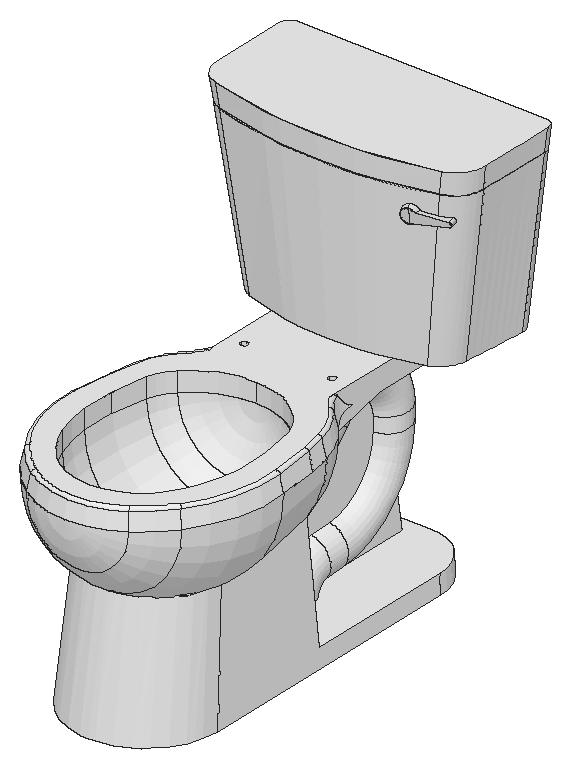
Revit family "Plumbing-Pressure-Assist-Water-Closet-Sloan-Valve-WETS-80098110_", category Plumbing Fixtures, host Face, Revit 2019
Family settings
  Host = Face
  Round Connector Dimension = Use Diameter
  Part Type = Normal
  OmniClass Number = 23.45.05.21.11.11
  OmniClass Title = Water Operated Water Closets
  Cut with Voids When Loaded = No
  Shared = No
  Room Calculation Point = No
Parameters (values of type "WETS-8009.8110-BAA")
  Width = 18 1/4"  # constant formula
  Water Closet Code = "2108009"
  Valve Pressure Drop = 0.00 psi
  Tank Code = "2108110"
  Sanitary Drain Connector Description = "Sanitary Drain Connector d2 1/8\""
  Sanitary Drain Connection Diameter = 2 1/8"  # constant formula
  Real Distance to Wall [instance] = if(Distance to Wall < 3/4", 3/4", Distance to Wall)  # 3/4"
  Waste Connection = yes
  WFU = 10
  Vent Connection = yes
  URL = "www.sloanvalve.com"
  Product data url = "https://bimobject.com/sloan_valve/product/pressure-assist-water-closets_sloan_wets-80098110"
  Product Material = Sloan Valve - Vitreous China - White
  Product Guid = ""
  Part Number = "80098110"
  Model = "WETS-8009.8110-BAA"
  Minimum Static Pressure = "20 PSI (138 kPa)"  # constant formula
  Maximum Static Pressure = "80 PSI (552 kPa)"  # constant formula
  Manufacturer = "Sloan Valve"  # constant formula
  Keynote = "15410"
  Height = 28 1/4"  # constant formula
  HWFU = 0
  HW Connection = yes
  Flush Rate = "1.28 gpf (4.8 Lpf)"
  Depth = 30 3/8"  # constant formula
  Cold Water Connector Description = "Cold Water Connector d1/2\""
  Cold Water Connection Diameter = 1/2"  # constant formula
  Edition number = 1
  Distance to Wall [instance] = 3/4"
  Description = "Floor-Mounted 1.28 gpf (4.8 Lpf) 12\" Rough-in Pressure-Assisted/Tank Toilet."
  Default Elevation = 0"
  CWFU = 10
  CW Connection = yes
  Assembly Code = "D2010"
  ADA Compliant [instance] = 1 = 2  # no
Reference planes
  plane 1 "Center (Front/Back)": y = 0
  plane 2: z = 0
  plane 3 "Center (Left/Right)": x = 0
  plane 4: x = -201.612
  plane 5: x = 201.613
  plane 6: y = -762.786
  plane 7: y = -19.05
  plane 8: x = -201.612
  plane 9: x = 201.613
  plane 10: y = -756.436
  plane 11: y = -12.7
Forms (mm)
  Blend 1, solid, material "Sloan Valve - Vitreous China - White" <- "Product Material"
    base sketch origin (0, 0, 0) x (1, 0, 0) y (0, 1, 0)
      loop
        arc (-34.925, -45.045) -> (-97.787, -71.084) -> (-123.825, -133.945) r 88.9
        line (-123.825, -133.945) -> (-123.825, -615.95)
        arc (-123.825, -615.95) -> (0, -739.775) -> (123.825, -615.95) r 123.825
        line (123.825, -615.95) -> (123.825, -133.945)
        arc (123.825, -133.945) -> (97.787, -71.084) -> (34.925, -45.045) r 88.9
        line (34.925, -45.045) -> (-34.925, -45.045)
    top sketch origin (0, 0, 0) x (1, 0, 0) y (0, 1, 0)
      loop
        arc (-109.537, -584.301) -> (0, -693.838) -> (109.537, -584.301) r 109.537
        line (109.537, -584.301) -> (109.537, -133.945)
        arc (109.537, -133.945) -> (83.499, -71.084) -> (20.637, -45.045) r 88.9
        line (20.637, -45.045) -> (-20.637, -45.045)
        arc (-20.637, -45.045) -> (-83.499, -71.084) -> (-109.537, -133.945) r 88.9
        line (-109.537, -133.945) -> (-109.537, -584.301)
    from 0 to 312.058
  Extrusion 2, solid, material "Sloan Valve - Vitreous China - White" <- "Product Material"
    sketch origin (0, 0, -25.4) x (0, 1, 0) y (0, 0, 1)
      loop
        line (-369.05, 348.14) -> (-241.882, 379.846) -> (-70.211, 379.846) -> (-64.931, 440.2) -> (-185.947, 440.2)
        arc (-185.947, 440.2) -> (-192.127, 425.28) -> (-207.047, 419.1) r 21.1
        line (-207.047, 419.1) -> (-369.05, 419.1) -> (-369.05, 348.14)
    from -104.047 to 104.047
  Sweep 3, solid, material "Sloan Valve - Vitreous China - White" <- "Product Material"
    path origin (0, 0, 0) x (0, 1, 0) y (0, 0, 1)
      loop
        line (-304.8, 0) -> (-304.8, 30.289)
        arc (-304.8, 30.289) -> (-293.174, 59.429) -> (-264.682, 72.564) r 42.333
        line (-264.682, 72.564) -> (-226.487, 74.566)
        arc (-226.487, 74.566) -> (-134.627, 116.914) -> (-97.145, 210.864) r 136.485
        line (-97.145, 210.864) -> (-97.145, 236.948)
        arc (-97.145, 236.948) -> (-144.28, 307.387) -> (-227.373, 290.682) r 76.2
        arc (-227.373, 290.682) -> (-233.15, 284.615) -> (-238.657, 278.301) r 192.236
        arc (-238.657, 278.301) -> (-334.604, 206.706) -> (-452.54, 186.145) r 257.901
    profile origin (0, -304.8, 15.145) x (0, -1, 0) y (1, 0, 0)
      loop
        circle (0, 0) r 38.1
  Extrusion 4, solid, material "Sloan Valve - Vitreous China - White" <- "Product Material"
    sketch origin (22.443, 0, 0) x (0, 1, 0) y (0, 0, 1)
      loop
        line (-68.2, 389.4) -> (-235.377, 389.4) -> (-261.569, 382.87) -> (-496.95, 175.082) -> (-484.132, 28.575) -> (-70.397, 28.575)
        arc (-70.397, 28.575) -> (-82.455, 126.803) -> (-68.088, 224.72) r 370.607
        arc (-68.088, 224.72) -> (-59.936, 265.377) -> (-58.507, 306.818) r 254
        arc (-58.507, 306.818) -> (-61.916, 348.278) -> (-68.2, 389.4) r 598.021
    from -28.793 to -16.093
  Extrusion 5, solid, not visible
    sketch origin (0, 0, 0) x (1, 0, 0) y (0, 0, 1)
      loop
        circle (-152.4, 254) r 6.35
    from 0 to 0.794
  Blend 6, solid, material "Sloan Valve - Vitreous China - White" <- "Product Material"
    base sketch origin (0, 0.822, 430.81) x (1, 0, 0) y (0, 1, 0)
      loop
        line (-196.16, -48.519) -> (-186.739, -156.202)
        arc (-186.739, -156.202) -> (-176.518, -182.59) -> (-153.766, -199.416) r 50.8
        arc (-153.766, -199.416) -> (0, -226.96) -> (153.766, -199.416) r 442.975
        arc (153.766, -199.416) -> (176.518, -182.59) -> (186.739, -156.202) r 50.8
        line (186.739, -156.202) -> (196.16, -48.519)
        arc (196.16, -48.519) -> (191.227, -33.989) -> (177.182, -27.809) r 19.05
        line (177.182, -27.809) -> (-177.182, -27.809)
        arc (-177.182, -27.809) -> (-191.227, -33.989) -> (-196.16, -48.519) r 19.05
    top sketch origin (0, 0.822, 430.81) x (1, 0, 0) y (0, 1, 0)
      loop
        arc (-212.725, -19.872) -> (-226.195, -25.451) -> (-231.775, -38.922) r 19.05
        line (-231.775, -38.922) -> (-231.775, -172.47)
        arc (-231.775, -172.47) -> (-221.507, -203.094) -> (-194.854, -221.338) r 50.8
        arc (-194.854, -221.338) -> (0, -248.472) -> (194.854, -221.338) r 713.209
        arc (194.854, -221.338) -> (221.507, -203.094) -> (231.775, -172.47) r 50.8
        line (231.775, -172.47) -> (231.775, -38.922)
        arc (231.775, -38.922) -> (226.195, -25.451) -> (212.725, -19.872) r 19.05
        line (212.725, -19.872) -> (-212.725, -19.872)
    from -37.11 to 286.74
  Revolve 7, solid, material "Sloan Valve - Vitreous China - White" <- "Product Material"
    sketch origin (0, -107.509, 360.363) x (1, 0, 0) y (0, 1, 0)
      loop
        line (0, -683.066) -> (0, -633.619)
        arc (0, -633.619) -> (-54.455, -620.155) -> (-96.361, -582.866) r 116.854
        arc (-96.361, -582.866) -> (-108.844, -562.27) -> (-118.928, -540.399) r 213.603
        arc (-118.928, -540.399) -> (-129.044, -507.813) -> (-134.203, -474.085) r 228.843
        arc (-134.203, -474.085) -> (-133.643, -413.542) -> (-122.68, -353.997) r 350.763
        arc (-122.68, -353.997) -> (-114.097, -332.991) -> (-100.788, -314.61) r 95.25
        arc (-100.788, -314.61) -> (-55.004, -282.028) -> (0, -270.524) r 137.251
        line (0, -270.524) -> (0, -209.239)
        arc (0, -209.239) -> (-18.194, -209.694) -> (-36.342, -211.057) r 364.157
        arc (-36.342, -211.057) -> (-122.715, -249.087) -> (-170.133, -330.684) r 152.4
        arc (-170.133, -330.684) -> (-180.229, -386.679) -> (-186.583, -443.221) r 855.912
        arc (-186.583, -443.221) -> (-178.018, -528.288) -> (-140.189, -604.962) r 240.102
        arc (-140.189, -604.962) -> (-116.352, -632.223) -> (-88.426, -655.277) r 223.457
        arc (-88.426, -655.277) -> (-46.345, -675.956) -> (0, -683.066) r 154.581
      axis (0, -209.239) -> (0, -683.066)
    angle from 0 to 180
  Extrusion 8, solid, material "Vitreous China-Sloan-White"
    sketch origin (0, -122.297, -1.685) x (1, 0, 0) y (0, 0, 1)
      loop
        arc (57.698, 221.011) -> (0.981, 212.195) -> (-56.307, 215.748) r 266.082
        line (-56.307, 215.748) -> (-39.243, 151.174)
        arc (-39.243, 151.174) -> (0, 120.954) -> (39.243, 151.174) r 40.59
        line (39.243, 151.174) -> (57.698, 221.011)
    from 346.299 to 429.496
  Blend 9, solid, material "Sloan Valve - Vitreous China - White" <- "Product Material"
    base sketch origin (0, -108.545, 375.1) x (1, 0, 0) y (0, 0, 1)
      loop
        line (25.325, -14.42) -> (-25.325, -14.42) -> (-25.325, -20.654)
        arc (-25.325, -20.654) -> (0, -45.979) -> (25.325, -20.654) r 25.325
        line (25.325, -20.654) -> (25.325, -14.42)
    top sketch origin (0, -108.545, 375.1) x (1, 0, 0) y (0, 0, 1)
      loop
        line (46.038, -14.42) -> (-46.037, -14.42) -> (-46.037, -23.887)
        arc (-46.037, -23.887) -> (0, -69.925) -> (46.038, -23.887) r 46.037
        line (46.038, -23.887) -> (46.038, -14.42)
    from 129.035 to 108.105
  Blend 10, solid, material "Sloan Valve - Vitreous China - White" <- "Product Material"
    base sketch origin (0, -108.545, 375.1) x (1, 0, 0) y (0, 0, 1)
      loop
        line (46.038, -14.42) -> (-46.037, -14.42) -> (-46.037, -23.887)
        arc (-46.037, -23.887) -> (0, -69.925) -> (46.038, -23.887) r 46.037
        line (46.038, -23.887) -> (46.038, -14.42)
    top sketch origin (0, -108.545, 375.1) x (1, 0, 0) y (0, 0, 1)
      loop
        line (46.038, -14.42) -> (-46.037, -14.42) -> (-46.037, -43.731)
        arc (-46.037, -43.731) -> (0, -89.769) -> (46.038, -43.731) r 46.038
        line (46.038, -43.731) -> (46.038, -14.42)
    from 108.105 to 38.1
  Sweep 11, solid, material "Sloan Valve - Vitreous China - White" <- "Product Material"
    path origin (0, -122.297, 0) x (0, 1, 0) y (0, 0, 1)
      loop
        arc (-352.549, 201.173) -> (-327.484, 201.16) -> (-302.744, 205.182) r 155.194
        arc (-302.744, 205.182) -> (-278.132, 217.142) -> (-260.549, 238.11) r 65.532
        arc (-260.549, 238.11) -> (-246.125, 268.805) -> (-234.718, 300.744) r 352.298
        arc (-234.718, 300.744) -> (-234.446, 301.431) -> (-234.066, 302.064) r 4.499
        arc (-234.066, 302.064) -> (-210.936, 321.963) -> (-181.277, 329.121) r 65.024
        line (-181.277, 329.121) -> (-115.283, 329.121)
    profile origin (0, -270.577, 329.121) x (0, 0, 1) y (1, 0, 0)
      loop
        line (25.325, -25.325) -> (25.325, 25.325)
        arc (25.325, 25.325) -> (0, 0) -> (25.325, -25.325) r 25.325
  Sweep 12, solid, material "Sloan Valve - Vitreous China - White" <- "Product Material"
    path origin (0, 0, 0) x (1, 0, 0) y (0, 1, 0)
      loop
        line (-104.047, -185.947) -> (-104.047, -295.646)
        arc (-104.047, -295.646) -> (-111.251, -333.222) -> (-131.841, -365.47) r 101.6
        arc (-131.841, -365.47) -> (-155.982, -399.201) -> (-170.133, -438.192) r 152.4
        arc (-170.133, -438.192) -> (-174.125, -457.895) -> (-177.652, -477.686) r 855.912
        arc (-177.652, -477.686) -> (-182.903, -514.112) -> (-186.583, -550.729) r 855.912
        arc (-186.583, -550.729) -> (-178.018, -635.797) -> (-140.189, -712.47) r 240.102
        arc (-140.189, -712.47) -> (-116.352, -739.732) -> (-88.426, -762.786) r 223.457
        arc (-88.426, -762.786) -> (0, -790.575) -> (88.426, -762.786) r 154.581
        arc (88.426, -762.786) -> (116.352, -739.732) -> (140.189, -712.47) r 223.457
        arc (140.189, -712.47) -> (178.018, -635.797) -> (186.583, -550.729) r 240.102
        arc (186.583, -550.729) -> (182.903, -514.112) -> (177.652, -477.686) r 855.912
        arc (177.652, -477.686) -> (174.125, -457.895) -> (170.133, -438.192) r 855.912
        arc (170.133, -438.192) -> (155.982, -399.201) -> (131.841, -365.47) r 152.4
        arc (131.841, -365.47) -> (111.251, -333.222) -> (104.047, -295.646) r 101.6
        line (104.047, -295.646) -> (104.047, -185.947)
    profile origin (0, -790.575, 0) x (0, 1, 0) y (0, 0, 1)
      loop
        line (0, 360.362) -> (18.191, 360.362) -> (18.191, 393.7) -> (12.748, 393.7)
        arc (12.748, 393.7) -> (8.795, 392.32) -> (6.56, 388.778) r 6.35
        line (6.56, 388.778) -> (0, 360.362)
  Extrusion 13, void
    sketch origin (0, 0, 0) x (1, 0, 0) y (0, 1, 0)
      loop
        arc (118.928, -647.907) -> (129.044, -615.321) -> (134.203, -581.593) r 228.843
        arc (134.203, -581.593) -> (135.243, -552.98) -> (133.946, -524.377) r 350.763
        arc (133.946, -524.377) -> (129.747, -492.684) -> (122.68, -461.506) r 350.763
        arc (122.68, -461.506) -> (114.097, -440.499) -> (100.788, -422.119) r 95.25
        arc (100.788, -422.119) -> (55.004, -389.536) -> (0, -378.032) r 137.251
        arc (0, -378.032) -> (-55.004, -389.536) -> (-100.788, -422.119) r 137.251
        arc (-100.788, -422.119) -> (-114.097, -440.499) -> (-122.68, -461.506) r 95.25
        arc (-122.68, -461.506) -> (-129.747, -492.684) -> (-133.946, -524.377) r 350.763
        arc (-133.946, -524.377) -> (-135.243, -552.98) -> (-134.203, -581.593) r 350.763
        arc (-134.203, -581.593) -> (-129.044, -615.321) -> (-118.928, -647.907) r 228.843
        arc (-118.928, -647.907) -> (-108.844, -669.778) -> (-96.361, -690.375) r 213.603
        arc (-96.361, -690.375) -> (-54.455, -727.664) -> (0, -741.127) r 116.854
        arc (0, -741.127) -> (54.455, -727.664) -> (96.361, -690.375) r 116.854
        arc (96.361, -690.375) -> (108.844, -669.778) -> (118.928, -647.907) r 213.603
    from 360.362 to 393.7
  Extrusion 14, solid, material "Sloan Valve - Vitreous China - White" <- "Product Material"
    sketch origin (0, 0, 0) x (1, 0, 0) y (0, 1, 0)
      loop
        arc (-168.448, -552.159) -> (-160.532, -630.781) -> (-125.569, -701.646) r 221.912
        arc (-125.569, -701.646) -> (-103.673, -726.688) -> (-78.02, -747.865) r 205.266
        arc (-78.02, -747.865) -> (0, -772.384) -> (78.02, -747.865) r 136.39
        arc (78.02, -747.865) -> (103.673, -726.688) -> (125.569, -701.646) r 205.266
        arc (125.569, -701.646) -> (160.532, -630.781) -> (168.448, -552.159) r 221.912
        arc (168.448, -552.159) -> (164.847, -516.319) -> (159.708, -480.668) r 837.721
        arc (159.708, -480.668) -> (156.255, -461.297) -> (152.348, -442.013) r 837.721
        arc (152.348, -442.013) -> (139.886, -407.676) -> (118.627, -377.971) r 134.209
        arc (118.627, -377.971) -> (110.867, -368.903) -> (104.047, -359.107) r 119.791
        line (104.047, -359.107) -> (104.047, -369.05) -> (-104.047, -369.05) -> (-104.047, -359.107)
        arc (-104.047, -359.107) -> (-110.867, -368.903) -> (-118.627, -377.971) r 119.791
        arc (-118.627, -377.971) -> (-139.886, -407.676) -> (-152.348, -442.013) r 134.209
        arc (-152.348, -442.013) -> (-156.255, -461.297) -> (-159.708, -480.668) r 837.721
        arc (-159.708, -480.668) -> (-164.847, -516.319) -> (-168.448, -552.159) r 837.721
    from 360.362 to 393.7
  Extrusion 15, void
    sketch origin (0, 0, 0) x (0, 1, 0) y (0, 0, 1)
      loop
        line (-419.1, 368.114) -> (-395.566, 31.564) -> (-10.202, 31.564) -> (-10.202, 368.114) -> (-419.1, 368.114)
    from -219.74 to 304.8
  Revolve 16, void
    sketch origin (0, -107.509, 360.363) x (1, 0, 0) y (0, 1, 0)
      loop
        line (0, -639.969) -> (0, -264.174)
        arc (0, -264.174) -> (-57.549, -276.21) -> (-105.451, -310.3) r 143.601
        arc (-105.451, -310.3) -> (-119.647, -329.906) -> (-128.802, -352.313) r 101.6
        arc (-128.802, -352.313) -> (-139.964, -412.935) -> (-140.534, -474.574) r 357.113
        arc (-140.534, -474.574) -> (-135.232, -509.238) -> (-124.835, -542.728) r 235.193
        arc (-124.835, -542.728) -> (-114.451, -565.249) -> (-101.598, -586.458) r 219.953
        arc (-101.598, -586.458) -> (-57.414, -625.773) -> (0, -639.969) r 123.204
      axis (0, -264.174) -> (0, -639.969)
    angle from 0 to 180
  Extrusion 17, void
    sketch origin (0, 0, 0) x (1, 0, 0) y (0, 1, 0)
      loop
        arc (-212.725, -19.05) -> (-226.195, -24.63) -> (-231.775, -38.1) r 19.05
        line (-231.775, -38.1) -> (-231.775, -171.649)
        arc (-231.775, -171.649) -> (-221.507, -202.272) -> (-194.854, -220.516) r 50.8
        arc (-194.854, -220.516) -> (0, -247.65) -> (194.854, -220.516) r 713.209
        arc (194.854, -220.516) -> (221.507, -202.272) -> (231.775, -171.649) r 50.8
        line (231.775, -171.649) -> (231.775, -38.1)
        arc (231.775, -38.1) -> (226.195, -24.63) -> (212.725, -19.05) r 19.05
        line (212.725, -19.05) -> (-212.725, -19.05)
      loop
        line (-225.425, -38.1) -> (-225.425, -171.649)
        arc (-225.425, -171.649) -> (-216.441, -198.444) -> (-193.119, -214.408) r 44.45
        arc (-193.119, -214.408) -> (0, -241.3) -> (193.119, -214.408) r 706.859
        arc (193.119, -214.408) -> (216.441, -198.444) -> (225.425, -171.649) r 44.45
        line (225.425, -171.649) -> (225.425, -38.1)
        arc (225.425, -38.1) -> (221.705, -29.12) -> (212.725, -25.4) r 12.7
        line (212.725, -25.4) -> (-212.725, -25.4)
        arc (-212.725, -25.4) -> (-221.705, -29.12) -> (-225.425, -38.1) r 12.7
    from 678.093 to 679.681
  Extrusion 18, void
    sketch origin (0, 0, 0) x (1, 0, 0) y (0, 1, 0)
      loop
        circle (-76.2, -307.975) r 6.35
      loop
        circle (76.2, -307.975) r 6.35
    from 341.312 to 499.954
  Blend 19, solid, material "Sloan Valve - Vitreous China - White" <- "Product Material", not visible
    base sketch origin (0, 6.35, 0) x (1, 0, 0) y (0, 1, 0)
      loop
        arc (-34.925, -45.045) -> (-97.787, -71.084) -> (-123.825, -133.945) r 88.9
        line (-123.825, -133.945) -> (-123.825, -615.95)
        arc (-123.825, -615.95) -> (0, -739.775) -> (123.825, -615.95) r 123.825
        line (123.825, -615.95) -> (123.825, -133.945)
        arc (123.825, -133.945) -> (97.787, -71.084) -> (34.925, -45.045) r 88.9
        line (34.925, -45.045) -> (-34.925, -45.045)
    top sketch origin (0, 6.35, 0) x (1, 0, 0) y (0, 1, 0)
      loop
        arc (-109.537, -584.301) -> (0, -693.838) -> (109.537, -584.301) r 109.537
        line (109.537, -584.301) -> (109.537, -133.945)
        arc (109.537, -133.945) -> (83.499, -71.084) -> (20.637, -45.045) r 88.9
        line (20.637, -45.045) -> (-20.637, -45.045)
        arc (-20.637, -45.045) -> (-83.499, -71.084) -> (-109.537, -133.945) r 88.9
        line (-109.537, -133.945) -> (-109.537, -584.301)
    from 0 to 312.058
  Extrusion 20, solid, material "Sloan Valve - Vitreous China - White" <- "Product Material", not visible
    sketch origin (0, 6.35, -25.4) x (0, 1, 0) y (0, 0, 1)
      loop
        line (-369.05, 348.14) -> (-241.882, 379.846) -> (-70.211, 379.846) -> (-64.931, 440.2) -> (-185.947, 440.2)
        arc (-185.947, 440.2) -> (-192.127, 425.28) -> (-207.047, 419.1) r 21.1
        line (-207.047, 419.1) -> (-369.05, 419.1) -> (-369.05, 348.14)
    from -104.047 to 104.047
  Sweep 21, solid, material "Sloan Valve - Vitreous China - White" <- "Product Material", not visible
    path origin (0, 6.35, 0) x (0, 1, 0) y (0, 0, 1)
      loop
        line (-304.8, 0) -> (-304.8, 30.289)
        arc (-304.8, 30.289) -> (-293.174, 59.429) -> (-264.682, 72.564) r 42.333
        line (-264.682, 72.564) -> (-226.487, 74.566)
        arc (-226.487, 74.566) -> (-134.627, 116.914) -> (-97.145, 210.864) r 136.485
        line (-97.145, 210.864) -> (-97.145, 236.948)
        arc (-97.145, 236.948) -> (-144.28, 307.387) -> (-227.373, 290.682) r 76.2
        arc (-227.373, 290.682) -> (-233.15, 284.615) -> (-238.657, 278.301) r 192.236
        arc (-238.657, 278.301) -> (-334.604, 206.706) -> (-452.54, 186.145) r 257.901
    profile origin (0, -298.45, 15.145) x (0, -1, 0) y (1, 0, 0)
      loop
        circle (0, 0) r 38.1
  Extrusion 22, solid, material "Sloan Valve - Vitreous China - White" <- "Product Material", not visible
    sketch origin (22.443, 6.35, 0) x (0, 1, 0) y (0, 0, 1)
      loop
        line (-68.2, 389.4) -> (-235.377, 389.4) -> (-261.569, 382.87) -> (-496.95, 175.082) -> (-484.132, 28.575) -> (-70.397, 28.575)
        arc (-70.397, 28.575) -> (-82.455, 126.803) -> (-68.088, 224.72) r 370.607
        arc (-68.088, 224.72) -> (-59.936, 265.377) -> (-58.507, 306.818) r 254
        arc (-58.507, 306.818) -> (-61.916, 348.278) -> (-68.2, 389.4) r 598.021
    from -28.793 to -16.093
  Blend 23, solid, material "Sloan Valve - Vitreous China - White" <- "Product Material", not visible
    base sketch origin (0, 7.172, 430.81) x (1, 0, 0) y (0, 1, 0)
      loop
        line (-196.16, -48.519) -> (-186.739, -156.202)
        arc (-186.739, -156.202) -> (-176.518, -182.59) -> (-153.766, -199.416) r 50.8
        arc (-153.766, -199.416) -> (0, -226.96) -> (153.766, -199.416) r 442.975
        arc (153.766, -199.416) -> (176.518, -182.59) -> (186.739, -156.202) r 50.8
        line (186.739, -156.202) -> (196.16, -48.519)
        arc (196.16, -48.519) -> (191.227, -33.989) -> (177.182, -27.809) r 19.05
        line (177.182, -27.809) -> (-177.182, -27.809)
        arc (-177.182, -27.809) -> (-191.227, -33.989) -> (-196.16, -48.519) r 19.05
    top sketch origin (0, 7.172, 430.81) x (1, 0, 0) y (0, 1, 0)
      loop
        arc (-212.725, -19.872) -> (-226.195, -25.451) -> (-231.775, -38.922) r 19.05
        line (-231.775, -38.922) -> (-231.775, -172.47)
        arc (-231.775, -172.47) -> (-221.507, -203.094) -> (-194.854, -221.338) r 50.8
        arc (-194.854, -221.338) -> (0, -248.472) -> (194.854, -221.338) r 713.209
        arc (194.854, -221.338) -> (221.507, -203.094) -> (231.775, -172.47) r 50.8
        line (231.775, -172.47) -> (231.775, -38.922)
        arc (231.775, -38.922) -> (226.195, -25.451) -> (212.725, -19.872) r 19.05
        line (212.725, -19.872) -> (-212.725, -19.872)
    from -37.11 to 286.74
  Revolve 24, solid, material "Sloan Valve - Vitreous China - White" <- "Product Material", not visible
    sketch origin (0, -101.159, 360.363) x (1, 0, 0) y (0, 1, 0)
      loop
        line (0, -683.066) -> (0, -633.619)
        arc (0, -633.619) -> (-54.455, -620.155) -> (-96.361, -582.866) r 116.854
        arc (-96.361, -582.866) -> (-108.844, -562.27) -> (-118.928, -540.399) r 213.603
        arc (-118.928, -540.399) -> (-129.044, -507.813) -> (-134.203, -474.085) r 228.843
        arc (-134.203, -474.085) -> (-133.643, -413.542) -> (-122.68, -353.997) r 350.763
        arc (-122.68, -353.997) -> (-114.097, -332.991) -> (-100.788, -314.61) r 95.25
        arc (-100.788, -314.61) -> (-55.004, -282.028) -> (0, -270.524) r 137.251
        line (0, -270.524) -> (0, -209.239)
        arc (0, -209.239) -> (-18.194, -209.694) -> (-36.342, -211.057) r 364.157
        arc (-36.342, -211.057) -> (-122.715, -249.087) -> (-170.133, -330.684) r 152.4
        arc (-170.133, -330.684) -> (-180.229, -386.679) -> (-186.583, -443.221) r 855.912
        arc (-186.583, -443.221) -> (-178.018, -528.288) -> (-140.189, -604.962) r 240.102
        arc (-140.189, -604.962) -> (-116.352, -632.223) -> (-88.426, -655.277) r 223.457
        arc (-88.426, -655.277) -> (-46.345, -675.956) -> (0, -683.066) r 154.581
      axis (0, -209.239) -> (0, -683.066)
    angle from 0 to 180
  Extrusion 25, solid, material "Vitreous China-Sloan-White", not visible
    sketch origin (0, -115.947, -1.685) x (1, 0, 0) y (0, 0, 1)
      loop
        arc (57.698, 221.011) -> (0.981, 212.195) -> (-56.307, 215.748) r 266.082
        line (-56.307, 215.748) -> (-39.243, 151.174)
        arc (-39.243, 151.174) -> (0, 120.954) -> (39.243, 151.174) r 40.59
        line (39.243, 151.174) -> (57.698, 221.011)
    from 346.299 to 429.496
  Blend 26, solid, material "Sloan Valve - Vitreous China - White" <- "Product Material", not visible
    base sketch origin (0, -102.195, 375.1) x (1, 0, 0) y (0, 0, 1)
      loop
        line (25.325, -14.42) -> (-25.325, -14.42) -> (-25.325, -20.654)
        arc (-25.325, -20.654) -> (0, -45.979) -> (25.325, -20.654) r 25.325
        line (25.325, -20.654) -> (25.325, -14.42)
    top sketch origin (0, -102.195, 375.1) x (1, 0, 0) y (0, 0, 1)
      loop
        line (46.038, -14.42) -> (-46.037, -14.42) -> (-46.037, -23.887)
        arc (-46.037, -23.887) -> (0, -69.925) -> (46.038, -23.887) r 46.037
        line (46.038, -23.887) -> (46.038, -14.42)
    from 129.035 to 108.105
  Blend 27, solid, material "Sloan Valve - Vitreous China - White" <- "Product Material", not visible
    base sketch origin (0, -102.195, 375.1) x (1, 0, 0) y (0, 0, 1)
      loop
        line (46.038, -14.42) -> (-46.037, -14.42) -> (-46.037, -23.887)
        arc (-46.037, -23.887) -> (0, -69.925) -> (46.038, -23.887) r 46.037
        line (46.038, -23.887) -> (46.038, -14.42)
    top sketch origin (0, -102.195, 375.1) x (1, 0, 0) y (0, 0, 1)
      loop
        line (46.038, -14.42) -> (-46.037, -14.42) -> (-46.037, -43.731)
        arc (-46.037, -43.731) -> (0, -89.769) -> (46.038, -43.731) r 46.038
        line (46.038, -43.731) -> (46.038, -14.42)
    from 108.105 to 38.1
  Sweep 28, solid, material "Sloan Valve - Vitreous China - White" <- "Product Material", not visible
    path origin (0, -115.947, 0) x (0, 1, 0) y (0, 0, 1)
      loop
        arc (-352.549, 201.173) -> (-327.484, 201.16) -> (-302.744, 205.182) r 155.194
        arc (-302.744, 205.182) -> (-278.132, 217.142) -> (-260.549, 238.11) r 65.532
        arc (-260.549, 238.11) -> (-246.125, 268.805) -> (-234.718, 300.744) r 352.298
        arc (-234.718, 300.744) -> (-234.446, 301.431) -> (-234.066, 302.064) r 4.499
        arc (-234.066, 302.064) -> (-210.936, 321.963) -> (-181.277, 329.121) r 65.024
        line (-181.277, 329.121) -> (-115.283, 329.121)
    profile origin (0, -264.227, 329.121) x (0, 0, 1) y (1, 0, 0)
      loop
        line (25.325, -25.325) -> (25.325, 25.325)
        arc (25.325, 25.325) -> (0, 0) -> (25.325, -25.325) r 25.325
  Sweep 29, solid, material "Sloan Valve - Vitreous China - White" <- "Product Material", not visible
    path origin (0, 6.35, 0) x (1, 0, 0) y (0, 1, 0)
      loop
        line (-104.047, -185.947) -> (-104.047, -295.646)
        arc (-104.047, -295.646) -> (-111.251, -333.222) -> (-131.841, -365.47) r 101.6
        arc (-131.841, -365.47) -> (-155.982, -399.201) -> (-170.133, -438.192) r 152.4
        arc (-170.133, -438.192) -> (-174.125, -457.895) -> (-177.652, -477.686) r 855.912
        arc (-177.652, -477.686) -> (-182.903, -514.112) -> (-186.583, -550.729) r 855.912
        arc (-186.583, -550.729) -> (-178.018, -635.797) -> (-140.189, -712.47) r 240.102
        arc (-140.189, -712.47) -> (-116.352, -739.732) -> (-88.426, -762.786) r 223.457
        arc (-88.426, -762.786) -> (0, -790.575) -> (88.426, -762.786) r 154.581
        arc (88.426, -762.786) -> (116.352, -739.732) -> (140.189, -712.47) r 223.457
        arc (140.189, -712.47) -> (178.018, -635.797) -> (186.583, -550.729) r 240.102
        arc (186.583, -550.729) -> (182.903, -514.112) -> (177.652, -477.686) r 855.912
        arc (177.652, -477.686) -> (174.125, -457.895) -> (170.133, -438.192) r 855.912
        arc (170.133, -438.192) -> (155.982, -399.201) -> (131.841, -365.47) r 152.4
        arc (131.841, -365.47) -> (111.251, -333.222) -> (104.047, -295.646) r 101.6
        line (104.047, -295.646) -> (104.047, -185.947)
    profile origin (0, -784.225, 0) x (0, 1, 0) y (0, 0, 1)
      loop
        line (0, 360.362) -> (18.191, 360.362) -> (18.191, 393.7) -> (12.748, 393.7)
        arc (12.748, 393.7) -> (8.795, 392.32) -> (6.56, 388.778) r 6.35
        line (6.56, 388.778) -> (0, 360.362)
  Extrusion 30, void, not visible
    sketch origin (0, 6.35, 0) x (1, 0, 0) y (0, 1, 0)
      loop
        arc (118.928, -647.907) -> (129.044, -615.321) -> (134.203, -581.593) r 228.843
        arc (134.203, -581.593) -> (135.243, -552.98) -> (133.946, -524.377) r 350.763
        arc (133.946, -524.377) -> (129.747, -492.684) -> (122.68, -461.506) r 350.763
        arc (122.68, -461.506) -> (114.097, -440.499) -> (100.788, -422.119) r 95.25
        arc (100.788, -422.119) -> (55.004, -389.536) -> (0, -378.032) r 137.251
        arc (0, -378.032) -> (-55.004, -389.536) -> (-100.788, -422.119) r 137.251
        arc (-100.788, -422.119) -> (-114.097, -440.499) -> (-122.68, -461.506) r 95.25
        arc (-122.68, -461.506) -> (-129.747, -492.684) -> (-133.946, -524.377) r 350.763
        arc (-133.946, -524.377) -> (-135.243, -552.98) -> (-134.203, -581.593) r 350.763
        arc (-134.203, -581.593) -> (-129.044, -615.321) -> (-118.928, -647.907) r 228.843
        arc (-118.928, -647.907) -> (-108.844, -669.778) -> (-96.361, -690.375) r 213.603
        arc (-96.361, -690.375) -> (-54.455, -727.664) -> (0, -741.127) r 116.854
        arc (0, -741.127) -> (54.455, -727.664) -> (96.361, -690.375) r 116.854
        arc (96.361, -690.375) -> (108.844, -669.778) -> (118.928, -647.907) r 213.603
    from 360.362 to 393.7
  Extrusion 31, solid, material "Sloan Valve - Vitreous China - White" <- "Product Material", not visible
    sketch origin (0, 6.35, 0) x (1, 0, 0) y (0, 1, 0)
      loop
        arc (-168.448, -552.159) -> (-160.532, -630.781) -> (-125.569, -701.646) r 221.912
        arc (-125.569, -701.646) -> (-103.673, -726.688) -> (-78.02, -747.865) r 205.266
        arc (-78.02, -747.865) -> (0, -772.384) -> (78.02, -747.865) r 136.39
        arc (78.02, -747.865) -> (103.673, -726.688) -> (125.569, -701.646) r 205.266
        arc (125.569, -701.646) -> (160.532, -630.781) -> (168.448, -552.159) r 221.912
        arc (168.448, -552.159) -> (164.847, -516.319) -> (159.708, -480.668) r 837.721
        arc (159.708, -480.668) -> (156.255, -461.297) -> (152.348, -442.013) r 837.721
        arc (152.348, -442.013) -> (139.886, -407.676) -> (118.627, -377.971) r 134.209
        arc (118.627, -377.971) -> (110.867, -368.903) -> (104.047, -359.107) r 119.791
        line (104.047, -359.107) -> (104.047, -369.05) -> (-104.047, -369.05) -> (-104.047, -359.107)
        arc (-104.047, -359.107) -> (-110.867, -368.903) -> (-118.627, -377.971) r 119.791
        arc (-118.627, -377.971) -> (-139.886, -407.676) -> (-152.348, -442.013) r 134.209
        arc (-152.348, -442.013) -> (-156.255, -461.297) -> (-159.708, -480.668) r 837.721
        arc (-159.708, -480.668) -> (-164.847, -516.319) -> (-168.448, -552.159) r 837.721
    from 360.362 to 393.7
  Extrusion 32, void, not visible
    sketch origin (0, 6.35, 0) x (0, 1, 0) y (0, 0, 1)
      loop
        line (-419.1, 368.114) -> (-395.566, 31.564) -> (-10.202, 31.564) -> (-10.202, 368.114) -> (-419.1, 368.114)
    from -219.74 to 304.8
  Revolve 33, void, not visible
    sketch origin (0, -101.159, 360.363) x (1, 0, 0) y (0, 1, 0)
      loop
        line (0, -639.969) -> (0, -264.174)
        arc (0, -264.174) -> (-57.549, -276.21) -> (-105.451, -310.3) r 143.601
        arc (-105.451, -310.3) -> (-119.647, -329.906) -> (-128.802, -352.313) r 101.6
        arc (-128.802, -352.313) -> (-139.964, -412.935) -> (-140.534, -474.574) r 357.113
        arc (-140.534, -474.574) -> (-135.232, -509.238) -> (-124.835, -542.728) r 235.193
        arc (-124.835, -542.728) -> (-114.451, -565.249) -> (-101.598, -586.458) r 219.953
        arc (-101.598, -586.458) -> (-57.414, -625.773) -> (0, -639.969) r 123.204
      axis (0, -264.174) -> (0, -639.969)
    angle from 0 to 180
  Extrusion 34, void, not visible
    sketch origin (0, 6.35, 0) x (1, 0, 0) y (0, 1, 0)
      loop
        arc (-212.725, -19.05) -> (-226.195, -24.63) -> (-231.775, -38.1) r 19.05
        line (-231.775, -38.1) -> (-231.775, -171.649)
        arc (-231.775, -171.649) -> (-221.507, -202.272) -> (-194.854, -220.516) r 50.8
        arc (-194.854, -220.516) -> (0, -247.65) -> (194.854, -220.516) r 713.209
        arc (194.854, -220.516) -> (221.507, -202.272) -> (231.775, -171.649) r 50.8
        line (231.775, -171.649) -> (231.775, -38.1)
        arc (231.775, -38.1) -> (226.195, -24.63) -> (212.725, -19.05) r 19.05
        line (212.725, -19.05) -> (-212.725, -19.05)
      loop
        line (-225.425, -38.1) -> (-225.425, -171.649)
        arc (-225.425, -171.649) -> (-216.441, -198.444) -> (-193.119, -214.408) r 44.45
        arc (-193.119, -214.408) -> (0, -241.3) -> (193.119, -214.408) r 706.859
        arc (193.119, -214.408) -> (216.441, -198.444) -> (225.425, -171.649) r 44.45
        line (225.425, -171.649) -> (225.425, -38.1)
        arc (225.425, -38.1) -> (221.705, -29.12) -> (212.725, -25.4) r 12.7
        line (212.725, -25.4) -> (-212.725, -25.4)
        arc (-212.725, -25.4) -> (-221.705, -29.12) -> (-225.425, -38.1) r 12.7
    from 678.093 to 679.681
  Extrusion 35, void, not visible
    sketch origin (0, 6.35, 0) x (1, 0, 0) y (0, 1, 0)
      loop
        circle (-76.2, -307.975) r 6.35
      loop
        circle (76.2, -307.975) r 6.35
    from 341.312 to 499.954
  Extrusion 36, solid, material "Sloan Valve - Finish - Polished Chrome"
    sketch origin (20.292, -269.587, 900.595) x (0.97881, 0.203994, 0.017847) y (0, -0.087156, 0.996195)
      loop
        line (127, -257.261) -> (127, -277.149) -> (188.955, -269.542)
        arc (188.955, -269.542) -> (192.467, -265.466) -> (188.747, -261.579) r 4.001
        line (188.747, -261.579) -> (127, -257.261)
    from 0 to 12.7
  Revolve 37, solid, material "Sloan Valve - Finish - Polished Chrome"
    sketch origin (369.854, -1316.287, 809.02) x (0.204773, -0.975085, -0.085309) y (0, -0.087156, 0.996195)
      loop
        line (-1100.014, -265.639) -> (-1100.014, -282.465) -> (-1087.756, -278.482) -> (-1087.314, -277.803) -> (-1087.314, -265.639) -> (-1100.014, -265.639)
      axis (-1100.014, -265.639) -> (-1087.314, -265.639)
    angle from 0 to 360
  Extrusion 38, solid, material "Sloan Valve - Finish - Polished Chrome", not visible
    sketch origin (20.292, -263.237, 900.595) x (0.97881, 0.203994, 0.017847) y (0, -0.087156, 0.996195)
      loop
        line (127, -257.261) -> (127, -277.149) -> (188.955, -269.542)
        arc (188.955, -269.542) -> (192.467, -265.466) -> (188.747, -261.579) r 4.001
        line (188.747, -261.579) -> (127, -257.261)
    from 0 to 12.7
  Revolve 39, solid, material "Sloan Valve - Finish - Polished Chrome", not visible
    sketch origin (369.854, -1309.937, 809.02) x (0.204773, -0.975085, -0.085309) y (0, -0.087156, 0.996195)
      loop
        line (-1100.014, -265.639) -> (-1100.014, -282.465) -> (-1087.756, -278.482) -> (-1087.314, -277.803) -> (-1087.314, -265.639) -> (-1100.014, -265.639)
      axis (-1100.014, -265.639) -> (-1087.314, -265.639)
    angle from 0 to 360
Cuts and joins
  Extrusion 15, Revolve 16 cuts Blend 1
  Extrusion 18 cuts Extrusion 2
  Extrusion 13 cuts Extrusion 14
  joined: Extrusion 2, Sweep 12, Extrusion 14
  Extrusion 17 cuts Blend 6
  joined: Extrusion 36, Revolve 37
Lines and regions (mm)
  Masking region 1
    outline origin (0, 0, 0) x (1, 0, 0) y (0, 1, 0)
      loop
        line (212.725, -19.05) -> (-212.725, -19.05)
        arc (-212.725, -19.05) -> (-226.195, -24.63) -> (-231.775, -38.1) r 19.05
        line (-231.775, -38.1) -> (-231.775, -171.649)
        arc (-231.775, -171.649) -> (-221.507, -202.272) -> (-194.854, -220.516) r 50.8
        arc (-194.854, -220.516) -> (-159.548, -229.575) -> (-123.825, -236.819) r 713.209
        line (-123.825, -236.819) -> (-123.825, -355.877)
        arc (-123.825, -355.877) -> (-127.686, -360.797) -> (-131.841, -365.47) r 101.6
        arc (-131.841, -365.47) -> (-155.982, -399.201) -> (-170.133, -438.192) r 152.4
        arc (-170.133, -438.192) -> (-174.125, -457.895) -> (-177.652, -477.686) r 855.912
        arc (-177.652, -477.686) -> (-182.903, -514.112) -> (-186.583, -550.729) r 855.912
        arc (-186.583, -550.729) -> (-178.018, -635.797) -> (-140.189, -712.47) r 240.102
        arc (-140.189, -712.47) -> (-116.352, -739.732) -> (-88.426, -762.786) r 223.457
        arc (-88.426, -762.786) -> (0, -790.575) -> (88.426, -762.786) r 154.581
        arc (88.426, -762.786) -> (116.352, -739.732) -> (140.189, -712.47) r 223.457
        arc (140.189, -712.47) -> (178.018, -635.797) -> (186.583, -550.729) r 240.102
        arc (186.583, -550.729) -> (182.903, -514.112) -> (177.652, -477.686) r 855.912
        arc (177.652, -477.686) -> (174.125, -457.895) -> (170.133, -438.192) r 855.912
        arc (170.133, -438.192) -> (155.982, -399.201) -> (131.841, -365.47) r 152.4
        arc (131.841, -365.47) -> (127.686, -360.797) -> (123.825, -355.877) r 101.6
        line (123.825, -355.877) -> (123.825, -236.819)
        arc (123.825, -236.819) -> (159.548, -229.575) -> (194.854, -220.516) r 713.209
        arc (194.854, -220.516) -> (221.507, -202.272) -> (231.775, -171.649) r 50.8
        line (231.775, -171.649) -> (231.775, -38.1)
        arc (231.775, -38.1) -> (226.195, -24.63) -> (212.725, -19.05) r 19.05
  Masking region 2, not visible
    outline origin (0, -2124.178, 0) x (1, 0, 0) y (0, 1, 0)
      loop
        line (212.725, -19.05) -> (-212.725, -19.05)
        arc (-212.725, -19.05) -> (-226.195, -24.63) -> (-231.775, -38.1) r 19.05
        line (-231.775, -38.1) -> (-231.775, -171.649)
        arc (-231.775, -171.649) -> (-221.507, -202.272) -> (-194.854, -220.516) r 50.8
        arc (-194.854, -220.516) -> (-159.548, -229.575) -> (-123.825, -236.819) r 713.209
        line (-123.825, -236.819) -> (-123.825, -355.877)
        arc (-123.825, -355.877) -> (-127.686, -360.797) -> (-131.841, -365.47) r 101.6
        arc (-131.841, -365.47) -> (-155.982, -399.201) -> (-170.133, -438.192) r 152.4
        arc (-170.133, -438.192) -> (-174.125, -457.895) -> (-177.652, -477.686) r 855.912
        arc (-177.652, -477.686) -> (-182.903, -514.112) -> (-186.583, -550.729) r 855.912
        arc (-186.583, -550.729) -> (-178.018, -635.797) -> (-140.189, -712.47) r 240.102
        arc (-140.189, -712.47) -> (-116.352, -739.732) -> (-88.426, -762.786) r 223.457
        arc (-88.426, -762.786) -> (0, -790.575) -> (88.426, -762.786) r 154.581
        arc (88.426, -762.786) -> (116.352, -739.732) -> (140.189, -712.47) r 223.457
        arc (140.189, -712.47) -> (178.018, -635.797) -> (186.583, -550.729) r 240.102
        arc (186.583, -550.729) -> (182.903, -514.112) -> (177.652, -477.686) r 855.912
        arc (177.652, -477.686) -> (174.125, -457.895) -> (170.133, -438.192) r 855.912
        arc (170.133, -438.192) -> (155.982, -399.201) -> (131.841, -365.47) r 152.4
        arc (131.841, -365.47) -> (127.686, -360.797) -> (123.825, -355.877) r 101.6
        line (123.825, -355.877) -> (123.825, -236.819)
        arc (123.825, -236.819) -> (159.548, -229.575) -> (194.854, -220.516) r 713.209
        arc (194.854, -220.516) -> (221.507, -202.272) -> (231.775, -171.649) r 50.8
        line (231.775, -171.649) -> (231.775, -38.1)
        arc (231.775, -38.1) -> (226.195, -24.63) -> (212.725, -19.05) r 19.05
  symbolic lines, detail levels medium+fine
    curve 1: arc (-123.825, -236.819, 0) -> (0, -247.65, 0) -> (123.825, -236.819, 0) r 713.209
  symbolic lines, detail levels fine
    curve 2: arc (-100.788, -422.119, 0) -> (-55.004, -389.536, 0) -> (0, -378.032, 0) r 137.251
    curve 3: arc (0, -378.032, 0) -> (55.004, -389.536, 0) -> (100.788, -422.119, 0) r 137.251
    curve 4: arc (100.788, -422.119, 0) -> (114.097, -440.499, 0) -> (122.68, -461.506, 0) r 95.25
    curve 5: arc (122.68, -461.506, 0) -> (129.747, -492.684, 0) -> (133.946, -524.377, 0) r 350.763
    curve 6: arc (133.946, -524.377, 0) -> (135.243, -552.98, 0) -> (134.203, -581.593, 0) r 350.763
    curve 7: arc (134.203, -581.593, 0) -> (129.044, -615.321, 0) -> (118.928, -647.907, 0) r 228.843
    curve 8: arc (118.928, -647.907, 0) -> (108.844, -669.778, 0) -> (96.361, -690.375, 0) r 213.603
    curve 9: arc (96.361, -690.375, 0) -> (54.455, -727.664, 0) -> (0, -741.127, 0) r 116.854
    curve 10: arc (0, -741.127, 0) -> (-54.455, -727.664, 0) -> (-96.361, -690.375, 0) r 116.854
    curve 11: arc (-96.361, -690.375, 0) -> (-108.844, -669.778, 0) -> (-118.928, -647.907, 0) r 213.603
    curve 12: arc (-118.928, -647.907, 0) -> (-129.044, -615.321, 0) -> (-134.203, -581.593, 0) r 228.843
    curve 13: arc (-134.203, -581.593, 0) -> (-135.243, -552.98, 0) -> (-133.946, -524.377, 0) r 350.763
    curve 14: arc (-133.946, -524.377, 0) -> (-129.747, -492.684, 0) -> (-122.68, -461.506, 0) r 350.763
    curve 15: arc (-122.68, -461.506, 0) -> (-114.097, -440.499, 0) -> (-100.788, -422.119, 0) r 95.25
    curve 16: circle (-76.2, -307.975, 0) r 6.35 normal (0, 0, 1)
    curve 17: circle (76.2, -307.975, 0) r 6.35 normal (0, 0, 1)
  symbolic lines, not visible, detail levels medium+fine
    curve 18: arc (-123.825, -2360.996, 0) -> (0, -2371.828, 0) -> (123.825, -2360.996, 0) r 713.209
  symbolic lines, not visible, detail levels fine
    curve 19: arc (-100.788, -2546.297, 0) -> (-55.004, -2513.714, 0) -> (0, -2502.21, 0) r 137.251
    curve 20: arc (0, -2502.21, 0) -> (55.004, -2513.714, 0) -> (100.788, -2546.297, 0) r 137.251
    curve 21: arc (100.788, -2546.297, 0) -> (114.097, -2564.677, 0) -> (122.68, -2585.683, 0) r 95.25
    curve 22: arc (122.68, -2585.683, 0) -> (129.747, -2616.862, 0) -> (133.946, -2648.554, 0) r 350.763
    curve 23: arc (133.946, -2648.554, 0) -> (135.243, -2677.157, 0) -> (134.203, -2705.771, 0) r 350.763
    curve 24: arc (134.203, -2705.771, 0) -> (129.044, -2739.499, 0) -> (118.928, -2772.085, 0) r 228.843
    curve 25: arc (118.928, -2772.085, 0) -> (108.844, -2793.956, 0) -> (96.361, -2814.553, 0) r 213.603
    curve 26: arc (96.361, -2814.553, 0) -> (54.455, -2851.841, 0) -> (0, -2865.305, 0) r 116.854
    curve 27: arc (0, -2865.305, 0) -> (-54.455, -2851.841, 0) -> (-96.361, -2814.553, 0) r 116.854
    curve 28: arc (-96.361, -2814.553, 0) -> (-108.844, -2793.956, 0) -> (-118.928, -2772.085, 0) r 213.603
    curve 29: arc (-118.928, -2772.085, 0) -> (-129.044, -2739.499, 0) -> (-134.203, -2705.771, 0) r 228.843
    curve 30: arc (-134.203, -2705.771, 0) -> (-135.243, -2677.157, 0) -> (-133.946, -2648.554, 0) r 350.763
    curve 31: arc (-133.946, -2648.554, 0) -> (-129.747, -2616.862, 0) -> (-122.68, -2585.683, 0) r 350.763
    curve 32: arc (-122.68, -2585.683, 0) -> (-114.097, -2564.677, 0) -> (-100.788, -2546.297, 0) r 95.25
    curve 33: circle (-76.2, -2432.153, 0) r 6.35 normal (0, 0, 1)
    curve 34: circle (76.2, -2432.153, 0) r 6.35 normal (0, 0, 1)
Dimensions and locks
  plane 1 "Center (Front/Back)" to plane 7 = 3/4"
  "Real Distance to Wall": plane 7 to plane 1 "Center (Front/Back)"
  aligned and locked: plane 2 to host face
  aligned and locked: level to host face
  aligned and locked: Masking region 1 to plane 7
Automatic sketch dimensions
  host sketch curve to host sketch curve = 96"  (x2)
  Masking region 1 sketch curve to Masking region 1 sketch curve = 0"  (x15)
  Masking region 1 sketch curve to Masking region 1 sketch curve = 17.12237"
  Masking region 1 sketch curve to Masking region 1 sketch curve = 3/4"
  Masking region 1 sketch curve to Masking region 1 sketch curve = 1.02866"
  Masking region 1 sketch curve to Masking region 1 sketch curve = 2"  (x2)
  Masking region 1 sketch curve to Masking region 1 sketch curve = 2 1/4"  (x2)
  Masking region 1 sketch curve to Masking region 1 sketch curve = 2.79716"
  Masking region 1 sketch curve to Masking region 1 sketch curve = 0.52667"  (x2)
  Masking region 1 sketch curve to Masking region 1 sketch curve = 1.24583"
  Masking region 1 sketch curve to Masking region 1 sketch curve = 8 3/8"
  Masking region 1 sketch curve to Masking region 1 sketch curve = 1.55117"  (x2)
  Masking region 1 sketch curve to Masking region 1 sketch curve = 1.66402"
  Masking region 1 sketch curve to Masking region 1 sketch curve = 9 3/4"
  Masking region 1 sketch curve to Masking region 1 sketch curve = 3.22134"
  Masking region 1 sketch curve to Masking region 1 sketch curve = 1 1/4"
  Masking region 1 sketch curve to Masking region 1 sketch curve = 18.15103"
  Masking region 1 sketch curve to Masking region 1 sketch curve = 0.70915"  (x2)
  Masking region 1 sketch curve to Masking region 1 sketch curve = 2.22418"  (x2)
  Masking region 1 sketch curve to Masking region 1 sketch curve = 0.38996"  (x2)
  Masking region 1 sketch curve to Masking region 1 sketch curve = 3.913"
  Masking region 1 sketch curve to Masking region 1 sketch curve = 4.50109"  (x2)
  Masking region 1 sketch curve to Masking region 1 sketch curve = 2.37129"  (x2)
  Masking region 1 sketch curve to Masking region 1 sketch curve = 2.31605"  (x2)
  Masking region 1 sketch curve to Masking region 1 sketch curve = 2.56575"  (x2)
  Masking region 1 sketch curve to Masking region 1 sketch curve = 5 33/128"
  Masking region 1 sketch curve to Masking region 1 sketch curve = 19.0791"
  Masking region 1 sketch curve to Masking region 1 sketch curve = 5.26793"
  Masking region 1 sketch curve to Masking region 1 sketch curve = 0.29604"  (x2)
  Masking region 2 sketch curve to Masking region 2 sketch curve = 0"  (x15)
  Masking region 2 sketch curve to Masking region 2 sketch curve = 17.12237"
  Masking region 2 sketch curve to Masking region 2 sketch curve = 3/4"
  Masking region 2 sketch curve to Masking region 2 sketch curve = 1.02866"
  Masking region 2 sketch curve to Masking region 2 sketch curve = 2"  (x2)
  Masking region 2 sketch curve to Masking region 2 sketch curve = 2 1/4"  (x2)
  Masking region 2 sketch curve to Masking region 2 sketch curve = 2.79716"
  Masking region 2 sketch curve to Masking region 2 sketch curve = 0.52667"  (x2)
  Masking region 2 sketch curve to Masking region 2 sketch curve = 1.24583"
  Masking region 2 sketch curve to Masking region 2 sketch curve = 8 3/8"
  Masking region 2 sketch curve to Masking region 2 sketch curve = 1.55117"  (x2)
  Masking region 2 sketch curve to Masking region 2 sketch curve = 1.66402"
  Masking region 2 sketch curve to Masking region 2 sketch curve = 9 3/4"
  Masking region 2 sketch curve to Masking region 2 sketch curve = 3.22134"
  Masking region 2 sketch curve to Masking region 2 sketch curve = 1 1/4"
  Masking region 2 sketch curve to Masking region 2 sketch curve = 18.15103"
  Masking region 2 sketch curve to Masking region 2 sketch curve = 0.70915"  (x2)
  Masking region 2 sketch curve to Masking region 2 sketch curve = 2.22418"  (x2)
  Masking region 2 sketch curve to Masking region 2 sketch curve = 0.38996"  (x2)
  Masking region 2 sketch curve to Masking region 2 sketch curve = 3.913"
  Masking region 2 sketch curve to Masking region 2 sketch curve = 4.50109"  (x2)
  Masking region 2 sketch curve to Masking region 2 sketch curve = 2.37129"  (x2)
  Masking region 2 sketch curve to Masking region 2 sketch curve = 2.31605"  (x2)
  Masking region 2 sketch curve to Masking region 2 sketch curve = 2.56575"  (x2)
  Masking region 2 sketch curve to Masking region 2 sketch curve = 5 33/128"
  Masking region 2 sketch curve to Masking region 2 sketch curve = 19.0791"
  Masking region 2 sketch curve to Masking region 2 sketch curve = 5.26793"
  Masking region 2 sketch curve to Masking region 2 sketch curve = 0.29604"  (x2)
  plane 7 to Blend 1 sketch curve = 23 1/2"
  Blend 1 sketch curve to Blend 1 sketch curve = 3 1/2"  (x2)
  Blend 1 sketch curve to Blend 1 sketch curve = 4 7/8"
  Blend 1 sketch curve to Blend 1 sketch curve = 2 3/4"
  plane 7 to Blend 1 sketch curve = 4 67/128"
  plane 7 to Blend 1 sketch curve = 22.25397"
  plane 7 to Blend 1 sketch curve = 1 3/128"
  Blend 1 sketch curve to Blend 1 sketch curve = 4 5/16"
  Blend 1 sketch curve to Blend 1 sketch curve = 1 5/8"
  plane 7 to Extrusion 2 sketch curve = 13.77953"
  Extrusion 2 sketch curve to Extrusion 2 sketch curve = 5.00662"
  Extrusion 2 sketch curve to Extrusion 2 sketch curve = 1.37144"
  Extrusion 2 sketch curve to Extrusion 2 sketch curve = 0.83072"
  plane 7 to Extrusion 2 sketch curve = 2.01421"
  plane 7 to Extrusion 2 sketch curve = 1.80632"
  Extrusion 2 sketch curve to Extrusion 2 sketch curve = 1.24829"
  Extrusion 2 sketch curve to Extrusion 2 sketch curve = 2.7937"
  plane 7 to Sweep 3 sketch curve = 16.44118"
  plane 7 to Sweep 3 sketch curve = 11 1/4"
  Sweep 3 sketch curve to Sweep 3 sketch curve = 1.57944"
  Sweep 3 sketch curve to Sweep 3 sketch curve = 1.66667"
  Sweep 3 sketch curve to Sweep 3 sketch curve = 1.22254"
  Sweep 3 sketch curve to Sweep 3 sketch curve = 1.50376"
  Sweep 3 sketch curve to Sweep 3 sketch curve = 2.37343"
  Sweep 3 sketch curve to Sweep 3 sketch curve = 3"
  Sweep 3 sketch curve to Sweep 3 sketch curve = 0.23912"
  Sweep 3 sketch curve to Sweep 3 sketch curve = 0.07881"
  Sweep 3 sketch curve to Sweep 3 sketch curve = 2.19457"
  Sweep 3 sketch curve to Sweep 3 sketch curve = 1.02691"
  Sweep 3 sketch curve to Sweep 3 sketch curve = 6.01869"
  Sweep 3 sketch curve to Sweep 3 sketch curve = 5.81653"
  Sweep 3 sketch curve to Sweep 3 sketch curve = 0.44425"
  Sweep 3 sketch curve to Sweep 3 sketch curve = 0"
  Sweep 3 sketch curve to Sweep 3 sketch curve = 1.19248"
  Sweep 3 sketch curve to profile plane = 0"  (x2)
  plane 7 to Extrusion 4 sketch curve = 25.07129"
  Extrusion 4 sketch curve to Extrusion 4 sketch curve = 6.25633"
  Extrusion 4 sketch curve to Extrusion 4 sketch curve = 0.50463"
  Extrusion 4 sketch curve to Extrusion 4 sketch curve = 7.2727"
  Extrusion 4 sketch curve to Extrusion 4 sketch curve = 1.99428"
  Extrusion 4 sketch curve to Extrusion 4 sketch curve = 1.03117"
  plane 7 to Extrusion 4 sketch curve = 2.02153"
  plane 7 to Extrusion 4 sketch curve = 1.93503"
  Extrusion 4 sketch curve to plane 7 = 12.09356"
  Extrusion 4 sketch curve to Extrusion 4 sketch curve = 3.6955"
  Extrusion 4 sketch curve to Extrusion 4 sketch curve = 5.768"
  Extrusion 4 sketch curve to Extrusion 4 sketch curve = 4 19/256"
  Extrusion 4 sketch curve to Extrusion 4 sketch curve = 4.71404"
  Extrusion 4 sketch curve to Extrusion 4 sketch curve = 3.46658"
  Extrusion 4 sketch curve to Extrusion 4 sketch curve = 0.2571"
  Extrusion 4 sketch curve to Extrusion 4 sketch curve = 0"
  plane 4 to Blend 6 sketch curve = 0.21467"
  plane 4 to Blend 6 sketch curve = 0.58558"
  plane 7 to Blend 6 sketch curve = 5/16"
  plane 4 to Blend 6 sketch curve = 0.96182"
  Blend 6 sketch curve to Blend 6 sketch curve = 1.99239"
  plane 4 to Blend 6 sketch curve = 7 15/16"
  plane 5 to Blend 6 sketch curve = 2.57797"
  plane 5 to Blend 6 sketch curve = 0.96182"
  plane 5 to Blend 6 sketch curve = 0.58558"
  plane 5 to Blend 6 sketch curve = 0.21467"
  Blend 6 sketch curve to Blend 6 sketch curve = 3/4"  (x2)
  Blend 6 sketch curve to Blend 6 sketch curve = 4.13053"  (x2)
  Blend 6 sketch curve to Blend 6 sketch curve = 0.17431"  (x2)
  Blend 6 sketch curve to plane 7 = 9.28691"
  Blend 6 sketch curve to Blend 6 sketch curve = 0"  (x2)
  plane 7 to Blend 6 sketch curve = 0"
  plane 7 to Blend 6 sketch curve = 6 1/128"  (x2)
  plane 7 to Blend 6 sketch curve = 3/4"  (x2)
  Blend 6 sketch curve to Blend 6 sketch curve = 2"
  Blend 6 sketch curve to Blend 6 sketch curve = 8 3/8"
  Blend 6 sketch curve to Blend 6 sketch curve = 14 1/4"
  Blend 6 sketch curve to Blend 6 sketch curve = 1 1/4"
  Blend 6 sketch curve to plane 7 = 19.0791"
  plane 7 to Revolve 7 sketch curve = 18.41431"
  Revolve 7 sketch curve to Revolve 7 sketch curve = 0.38226"
  Revolve 7 sketch curve to Revolve 7 sketch curve = 213/256"
  Revolve 7 sketch curve to Revolve 7 sketch curve = 0"  (x10)
  Revolve 7 sketch curve to Revolve 7 sketch curve = 1.55117"
  Revolve 7 sketch curve to Revolve 7 sketch curve = 0.52667"
  Revolve 7 sketch curve to Revolve 7 sketch curve = 1.06316"
  Revolve 7 sketch curve to Revolve 7 sketch curve = 0.55817"
  Revolve 7 sketch curve to Revolve 7 sketch curve = 4.78572"
  Revolve 7 sketch curve to Revolve 7 sketch curve = 17.76248"
  Revolve 7 sketch curve to Revolve 7 sketch curve = 1.12242"
  Revolve 7 sketch curve to Revolve 7 sketch curve = 1.54616"
  Revolve 7 sketch curve to Revolve 7 sketch curve = 1.91616"
  Revolve 7 sketch curve to Revolve 7 sketch curve = 0.22012"
  Revolve 7 sketch curve to Revolve 7 sketch curve = 0.002"
  Revolve 7 sketch curve to Revolve 7 sketch curve = 0.38996"
  Revolve 7 sketch curve to Revolve 7 sketch curve = 2.4971"
  Revolve 7 sketch curve to Revolve 7 sketch curve = 1.76271"
  Revolve 7 sketch curve to Revolve 7 sketch curve = 0.46147"
  Revolve 7 sketch curve to Revolve 7 sketch curve = 1.76813"
  Revolve 7 sketch curve to Revolve 7 sketch curve = 2.37097"
  Revolve 7 sketch curve to Revolve 7 sketch curve = 1.94676"
  Revolve 7 sketch curve to Revolve 7 sketch curve = 0.65231"
  Revolve 7 sketch curve to Revolve 7 sketch curve = 3.62883"
  Revolve 7 sketch curve to Revolve 7 sketch curve = 2.41279"
  Revolve 7 sketch curve to Revolve 7 sketch curve = 0.18389"
  Revolve 7 sketch curve to Revolve 7 sketch curve = 1/2"
  Extrusion 8 sketch curve to Extrusion 8 sketch curve = 0.67182"
  Extrusion 8 sketch curve to Extrusion 8 sketch curve = 1.77234"
  Extrusion 8 sketch curve to Extrusion 8 sketch curve = 1.545"  (x2)
  Extrusion 8 sketch curve to Extrusion 8 sketch curve = 93/128"
  Extrusion 8 sketch curve to Extrusion 8 sketch curve = 0.40828"
  Extrusion 8 sketch curve to Extrusion 8 sketch curve = 2.54228"
  Extrusion 8 sketch curve to Extrusion 8 sketch curve = 2.74948"
  Blend 9 sketch curve to Blend 9 sketch curve = 0.99706"
  Blend 9 sketch curve to Blend 9 sketch curve = 0.24541"
  Blend 9 sketch curve to Blend 9 sketch curve = 1 13/16"
  Blend 9 sketch curve to Blend 9 sketch curve = 0.37271"
  Blend 10 sketch curve to Blend 10 sketch curve = 1 13/16"  (x2)
  Blend 10 sketch curve to Blend 10 sketch curve = 0.37271"
  Blend 10 sketch curve to Blend 10 sketch curve = 1.15396"
  plane 7 to Sweep 11 sketch curve = 26.57715"
  Sweep 11 sketch curve to Sweep 11 sketch curve = 9.12902"
  Sweep 11 sketch curve to Sweep 11 sketch curve = 0.84594"
  Sweep 11 sketch curve to Sweep 11 sketch curve = 3.46596"
  Sweep 11 sketch curve to Sweep 11 sketch curve = 1.9345"
  Sweep 11 sketch curve to Sweep 11 sketch curve = 0.18533"
  Sweep 11 sketch curve to Sweep 11 sketch curve = 1.3913"
  Sweep 11 sketch curve to Sweep 11 sketch curve = 1.1687"
  Sweep 11 sketch curve to Sweep 11 sketch curve = 3.42714"
  Sweep 11 sketch curve to Sweep 11 sketch curve = 1.86098"
  Sweep 11 sketch curve to Sweep 11 sketch curve = 1.34254"
  Sweep 11 sketch curve to Sweep 11 sketch curve = 1.96082"
  Sweep 11 sketch curve to Sweep 11 sketch curve = 0"  (x3)
  Sweep 11 sketch curve to Sweep 11 sketch curve = 2.59819"
  Sweep 11 sketch curve to profile plane = 0"
  Sweep 11 sketch curve to profile plane = 0.99706"  (x2)
  Sweep 12 sketch curve to Sweep 12 sketch curve = 0"  (x10)
  Sweep 12 sketch curve to plane 6 = 0"  (x4)
  plane 6 to Sweep 12 sketch curve = 5.70094"  (x2)
  plane 7 to Sweep 12 sketch curve = 10.88962"
  Sweep 12 sketch curve to Sweep 12 sketch curve = 18.15103"  (x2)
  Sweep 12 sketch curve to Sweep 12 sketch curve = 4"  (x2)
  Sweep 12 sketch curve to Sweep 12 sketch curve = 2.01849"
  Sweep 12 sketch curve to Sweep 12 sketch curve = 0.52667"  (x2)
  Sweep 12 sketch curve to Sweep 12 sketch curve = 1.24583"
  Sweep 12 sketch curve to Sweep 12 sketch curve = 1.55117"  (x2)
  Sweep 12 sketch curve to Sweep 12 sketch curve = 1.66402"
  Sweep 12 sketch curve to Sweep 12 sketch curve = 3.26432"
  plane 6 to Sweep 12 sketch curve = 4.99179"
  Sweep 12 sketch curve to Sweep 12 sketch curve = 2.22418"
  Sweep 12 sketch curve to Sweep 12 sketch curve = 0.38996"  (x2)
  Sweep 12 sketch curve to Sweep 12 sketch curve = 3.913"
  Sweep 12 sketch curve to Sweep 12 sketch curve = 6.87238"
  Sweep 12 sketch curve to Sweep 12 sketch curve = 5.26793"
  Sweep 12 sketch curve to Sweep 12 sketch curve = 0.29604"  (x2)
  Sweep 12 sketch curve to Sweep 12 sketch curve = 4.31887"  (x2)
  Sweep 12 sketch curve to profile plane = 0"
  Sweep 12 sketch curve to profile plane = 0.25828"
  Sweep 12 sketch curve to Sweep 12 sketch curve = 0.24359"
  Sweep 12 sketch curve to profile plane = 0.71616"
  profile plane to Sweep 12 sketch curve = 14 3/16"
  Sweep 12 sketch curve to Sweep 12 sketch curve = 1 1/16"
  Sweep 12 sketch curve to Sweep 12 sketch curve = 0.05624"
  Extrusion 13 sketch curve to Extrusion 13 sketch curve = 0"  (x18)
  plane 7 to Extrusion 13 sketch curve = 21.08289"
  Extrusion 13 sketch curve to Extrusion 13 sketch curve = 4.78572"  (x2)
  Extrusion 13 sketch curve to Extrusion 13 sketch curve = 0.55817"  (x2)
  Extrusion 13 sketch curve to Extrusion 13 sketch curve = 1.92673"  (x2)
  Extrusion 13 sketch curve to Extrusion 13 sketch curve = 3.141"
  Extrusion 13 sketch curve to Extrusion 13 sketch curve = 1.21427"  (x2)
  Extrusion 13 sketch curve to Extrusion 13 sketch curve = 0.37"  (x2)
  Extrusion 13 sketch curve to Extrusion 13 sketch curve = 0.22012"  (x2)
  Extrusion 13 sketch curve to Extrusion 13 sketch curve = 2.15467"
  Extrusion 13 sketch curve to Extrusion 13 sketch curve = 2.13627"
  Extrusion 13 sketch curve to Extrusion 13 sketch curve = 1.12242"  (x2)
  Extrusion 13 sketch curve to Extrusion 13 sketch curve = 1.58443"
  Extrusion 13 sketch curve to Extrusion 13 sketch curve = 1.57431"  (x2)
  Extrusion 14 sketch curve to Extrusion 14 sketch curve = 0"  (x13)
  plane 7 to Extrusion 14 sketch curve = 23.57999"  (x2)
  plane 7 to Extrusion 14 sketch curve = 10.88962"
  Extrusion 14 sketch curve to Extrusion 14 sketch curve = 18.15103"  (x2)
  Extrusion 14 sketch curve to Extrusion 14 sketch curve = 4"  (x2)
  Extrusion 14 sketch curve to Extrusion 14 sketch curve = 2.01849"
  Extrusion 14 sketch curve to Extrusion 14 sketch curve = 0.52667"  (x2)
  Extrusion 14 sketch curve to Extrusion 14 sketch curve = 1.24583"
  Extrusion 14 sketch curve to Extrusion 14 sketch curve = 1.55117"  (x2)
  Extrusion 14 sketch curve to Extrusion 14 sketch curve = 1.66402"
  Extrusion 14 sketch curve to Extrusion 14 sketch curve = 3.26432"
  Extrusion 14 sketch curve to Extrusion 14 sketch curve = 13.39952"
  Extrusion 14 sketch curve to Extrusion 14 sketch curve = 2.22418"  (x2)
  Extrusion 14 sketch curve to Extrusion 14 sketch curve = 0.38996"  (x2)
  Extrusion 14 sketch curve to Extrusion 14 sketch curve = 3.913"
